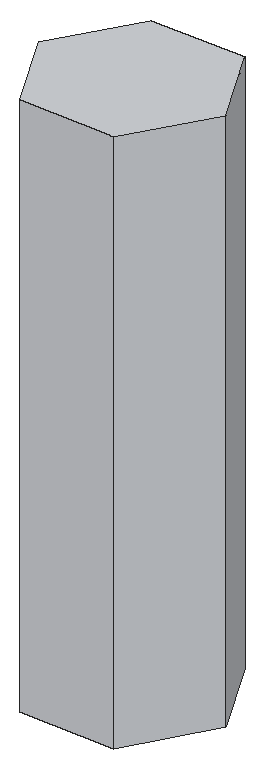
Revit family "$Player_Cat", category Generic Models, Revit 2020
Family settings
  Can host rebar = No
  Round Connector Dimension = Use Diameter
  Part Type = Normal
  Work Plane-Based = No
  Always vertical = Yes
  Cut with Voids When Loaded = No
  Shared = No
  Room Calculation Point = No
Parameters (values of type "SD")
  yes = 2 > 1  # yes
  show_standard [instance] = not(show_overweight)  # yes
  show_overweight [instance] = _property_is_overweight  # no
  no = not(yes)  # no
  _property_positionID = 0
  _property_name = "Peter"
  _property_luck = 50
  _property_is_overweight = no
  _property_hold_status = ""
  _asset_tools = ""
  _asset_skills = ""
  _asset_money = 100
  _asset_direction = 1
  Default Elevation = 0 mm
Reference planes
  plane 1 "Center (Front/Back)": y = 0
  plane 2: z = 0
  plane 3 "Center (Left/Right)": x = 0
Forms (mm)
  Extrusion 1, solid, visible <- "show_standard"
    sketch origin (0, 0, 0) x (1, 0, 0) y (0, 1, 0)
      loop
        line (300, 0) -> (150, 259.808) -> (-150, 259.808) -> (-300, 0) -> (-150, -259.808) -> (150, -259.808) -> (300, 0)
    from 0 to 1750
  Extrusion 2, solid, visible <- "show_overweight"
    sketch origin (0, 0, 0) x (1, 0, 0) y (0, 1, 0)
      loop
        line (500, 0) -> (250, 433.013) -> (-250, 433.013) -> (-500, 0) -> (-250, -433.013) -> (250, -433.013) -> (500, 0)
    from 0 to 1300
Dimensions and locks
  aligned and locked: plane 2 to level
